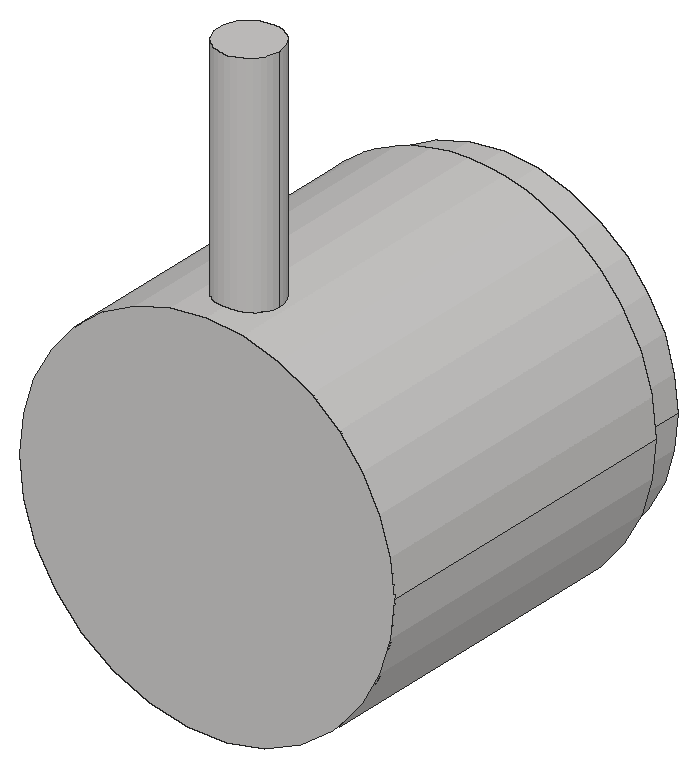
Revit family "NR51", category Generic Models, Revit 2012
Parameters (values of type "Standard")
  e-mail = "info@vola.com"
  URL = "http://vola.com"
  Telephone = "+45 7023 5500"
  Quality management standard = "ISO 9001"
  Organisation no. / DUNS no. = "17531328"
  Occupational health and safety management standard = "ISO 18001"
  Mounting Instructions = "http://vola.com/service/producturl.ashx?name=NR51"
  Model = "NR51"
  Materials and components information = "http://vola.com/service/producturl.ashx?name=NR51"
  Manufacturer = "VOLA A/S"
  Maintenance Instructions = "http://vola.com/service/producturl.ashx?name=NR51"
  Guarantee = "2 years"
  Environmental management standard = "ISO 14000"
  Connection - All relevant connections = ""
  Approvals = "http://vola.com/service/producturl.ashx?name=NR51"
Reference planes
  plane 1 "Center (Front/Back)": y = 0
  plane 2: z = 0
  plane 3 "Center (Left/Right)": x = 0
Forms (mm)
  Extrusion 1, solid, material "Stainless Steel"
    sketch origin (0, 0, 0) x (1, 0, 0) y (0, 0, 1)
      loop
        circle (0, 0) r 21.5
    from 5 to 42.5
  Extrusion 2, solid, material "Stainless Steel"
    sketch origin (0, -2, 0) x (0, -1, 0) y (1, 0, 0)
      loop
        circle (34.5, 0) r 3.5
    from 0 to 47.5
  Extrusion 3, solid, material "Stainless Steel"
    sketch origin (0, 0, 0) x (1, 0, 0) y (0, 0, 1)
      loop
        circle (0, 0) r 20
    from 0 to 5
Cuts and joins
  joined: Extrusion 1, Extrusion 2
Dimensions and locks
  aligned and locked: plane 2 to level
